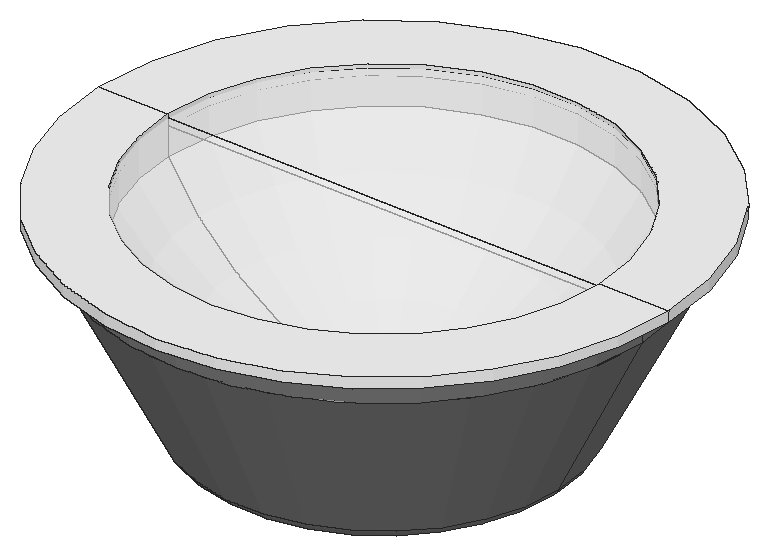
Revit family "30539", category Lighting Fixtures, host Face, Revit 2018
Family settings
  Host = Face
  Round Connector Dimension = Use Diameter
  Part Type = Normal
  OmniClass Number = 23.80.70.00
  OmniClass Title = Lighting
  Cut with Voids When Loaded = No
  Light Source = Yes
  Shared = No
  Room Calculation Point = No
Parameters (values of type "0030539 INSAVER SL U19 IP44 DALI 205 2500LM 840 ")
  WidthBezel_SYL = if(Size1_SYL, 20 mm, if(Size2_SYL, 20 mm, if(Size3PIR_SYL, 30 mm, if(Size4_SYL, 20 mm, 20 mm))))  # 20 mm
  Weight = "n/a"
  Wattage Comments = ""
  Wattage = 12 W
  WarrantyStartDate [instance] = "n/a"
  WarrantyGuarantorParts = "n/a"
  WarrantyDurationUnit = "n/a"
  WarrantyDurationParts = ""
  WarrantyDescription = "http://www.sylvania-lighting.com"
  built-in parameter 1150110 = 1 (stored number, unit not read)
  Voltage = 230 V
  VisibilityPIR_SYL = Size3PIR_SYL  # no
  URL = "0.94"
  TypeName = "Insaver Slim UGR19 IP44 DALI 205 2500lm 840"
  Type Image = <None>
  Type Comments = "n/a"
  built-in parameter 1114217 = 1 (stored number, unit not read)
  Tilt Angle = -90.00°
  built-in parameter 1150109 = 1 (stored number, unit not read)
  built-in parameter 1150134 = (empty or 0)
  built-in parameter 1150113 = 1 (stored number, unit not read)
  Size4_SYL = no
  Size3PIR_SYL = no
  Size2_SYL = no
  Size1_SYL = yes
  SerialNumber [instance] = "n/a"
  RadiusTop_SYL = 6 mm
  RadiusReflector_SYL = if(Size1_SYL, 85 mm, if(Size2_SYL, 85 mm, if(Size3PIR_SYL, 85 mm, if(Size4_SYL, 100 mm, 120 mm))))  # 85 mm
  Photometric Web File = "0030539.IES"
  Material_3_FEILO = Top-Sylvania-STARTDownlight
  PowerFactor = 0.9
  PowerConsumption = "Lighting"
  NominalLength = 165 mm
  NominalHeight = 50 mm
  NominalDepth = 165 mm
  Name = "Insaver Slim UGR19 IP44 DALI 205 2500lm 840"
  ModelReference = Name  # "Insaver Slim UGR19 IP44 DALI 205 2500lm 840"
  ModelNumber = "0030539"
  Model = Name  # "Insaver Slim UGR19 IP44 DALI 205 2500lm 840"
  Material = "Feilo Sylvania"
  ManufacturerName = "125 lm/W"
  Manufacturer = ""
  LuminousEfficacy = ""
  built-in parameter 1150105 = 31.446 (stored number, unit not read)
  Lumens = 395.16 lm
  LuminaireType = "0"
  built-in parameter 1150115 = 1 (stored number, unit not read)
  LightOutputRatio = "LED"
  built-in parameter 1150137 = (empty or 0)
  built-in parameter 1150139 = (empty or 0)
  LampsType = Lamp  # "n/a"
  LampNominalLuminous = "4000 K"
  LampMacAdamStep = "80"
  LampColourTemperature = "LED"
  LampColourRenderingIndex = "16500"
  built-in parameter 1150112 = 1 (stored number, unit not read)
  built-in parameter 1150114 = 1 (stored number, unit not read)
  Lamp = "n/a"
  Keynote = "n/a"
  InstallationDate [instance] = "n/a"
  InputVoltage = "0"
  InputNominalFrequency = "4000"
  built-in parameter 1150132 = (empty or 0)
  built-in parameter 1150102 = (empty or 0)
  built-in parameter 1150107 = 3000 (stored number, unit not read)
  built-in parameter 1150138 = (empty or 0)
  IngressProtection = "IfcLightFixtureType"
  ImpactProtectionIndex = "IfcLightFixtureType"
  built-in parameter 1150106 = 0.31446 (stored number, unit not read)
  IfcExportType = "IfcLightFixtureType"
  IfcExportAs = "Class II"
  Height_SYL = if(Size1_SYL, 61 mm, if(Size2_SYL, 61 mm, if(Size3PIR_SYL, 61 mm, if(Size4_SYL, 61 mm, 60 mm))))  # 61 mm
  HeightBezel_SYL = if(Size1_SYL, 3 mm, if(Size2_SYL, 3 mm, if(Size3PIR_SYL, 3 mm, if(Size4_SYL, 3.2 mm, 3 mm))))  # 3 mm
  ExpectedLife = 50000
  Emit from Circle Diameter = Diameter_SYL - 40 mm  # 125 mm
  Emit Shape Visible in Rendering = no
  ElectricShockClassification = "125"
  built-in parameter 1150104 = 3.0593 (stored number, unit not read)
  DurationUnit = "hours"
  DocumentationLiterature = "http://www.sylvania-lighting.com/product/en-int/products/0030539"
  DimmingControlOptions = "n/a"
  Material_2_FEILO = Diffuser-Sylvania-STARTDownlight
  Dimming Lamp Color Temperature Shift = <None>
  Diameter_SYL = if(Size1_SYL, 165 mm, if(Size2_SYL, 190 mm, if(Size3PIR_SYL, 211 mm, if(Size4_SYL, 220 mm, 240 mm))))  # 165 mm
  DiameterTop_SYL = if(Size1_SYL, 98 mm, if(Size2_SYL, 122 mm, if(Size3PIR_SYL, 120 mm, if(Size4_SYL, 135 mm, 158 mm))))  # 98 mm
  DiameterTopBase_SYL = DiameterRecess_SYL  # 150 mm
  DiameterRecess_SYL = if(Size1_SYL, 150 mm, if(Size2_SYL, 170 mm, if(Size3PIR_SYL, 186 mm, if(Size4_SYL, 200 mm, 225 mm))))  # 150 mm
  Description = "Insaver Slim is a ceiling recessed LED downlight (IP44 from the front),Die-cast aluminium body, loop in loop out connector for quick installation, Dimmable DALI driver of TRIDONIC (LCA 25W 350–1050mA one4all SR PRE 28000671), 20W; 2500lm; 125lm/W; 4000K; UGR <19 with shallow product depth 60mm. Meets TP(a) requirements."
  Default Elevation = 1219.2 mm
  CreatedOn = "05/03/2024"
  CreatedBy = "@sylvania-lighting.com"
  Cost = 0
  Color Filter = 16777215
  built-in parameter 1114216 [instance] = (empty or 0)
  ClassificationValue = "EF_70_80"
  ClassificationName = "Uniclass2015"
  Material_1_FEILO = Trim-Sylvania-STARTDownlight-White
  BarCode [instance] = "n/a"
  built-in parameter 1114218 = 1 (stored number, unit not read)
  built-in parameter 1150133 = 10 (stored number, unit not read)
  AssetType = "Fixed"
  AssetIdentifier [instance] = "n/a"
  Assembly Code = "D5020200"
  Apparent Load = 20 VA
  Material_4_FEILO = LED-Sylvania-STARTDownlight
Reference planes
  plane 1 "Center (Front/Back)": y = 0
  plane 2: z = 0
  plane 3 "Center (Left/Right)": x = 0
  plane 4: x = 82.5
  plane 5: x = -82.5
  plane 6: z = 3
  plane 7: z = -8
  plane 8: z = -58
  plane 9: x = -75
  plane 10: x = 75
  plane 11: x = -49
  plane 12: x = 49
  plane 13: z = -85
  plane 14: x = -62.5
  plane 15: z = 2
  plane 16: z = -46
  plane 17: x = -16
  plane 18: x = -67.5
  plane 19: x = -81.5
  plane 20: x = -99.5
  plane 21: x = -76.5
  plane 22: z = 5.5
  plane 23: z = 8.7
  plane 24: x = -75.5
  plane 25: z = 13.7
Forms (mm)
  Revolve 1, void
    sketch origin (0, 0, 0) x (1, 0, 0) y (0, 0, 1)
      loop
        line (0, 0) -> (-75, 0) -> (-75, -85) -> (0, -85) -> (0, 0)
      axis (0, 0) -> (0, -85)
    angle from 360 to 0
  Revolve 2, solid, material "Trim-Sylvania-STARTDownlight-White" <- "Material_1_FEILO"
    sketch origin (0, 0, 0) x (1, 0, 0) y (0, 0, 1)
      loop
        line (-62.5, 3) -> (-82.5, 3) -> (-82.5, 0) -> (-75, 0) -> (-75, -8) -> (-50.681, -54.768)
        arc (-50.681, -54.768) -> (-48.471, -57.129) -> (-45.357, -58) r 6
        line (-45.357, -58) -> (0, -58) -> (0, -46) -> (-16, -46)
        arc (-16, -46) -> (-42.718, -31.243) -> (-62.5, -8) r 85
        line (-62.5, -8) -> (-62.5, 3)
      axis (0, 3) -> (0, -58)
    angle from 360 to 0
  Revolve 3, solid, material "Diffuser-Sylvania-STARTDownlight" <- "Material_2_FEILO"
    sketch origin (0, 0, 0) x (1, 0, 0) y (0, 0, 1)
      loop
        line (-62.5, 0) -> (0, 0) -> (0, 2) -> (-62.5, 2) -> (-62.5, 0)
      axis (0, 2) -> (0, 0)
    angle from 360 to 0
  Revolve 4, solid, material "Trim-Sylvania-STARTDownlight-White" <- "Material_1_FEILO", visible <- "VisibilityPIR_SYL"
    sketch origin (0, 0, 0) x (1, 0, 0) y (0, 0, 1)
      loop
        line (-67.5, 3) -> (-67.5, 13.7)
        arc (-67.5, 13.7) -> (-72.217, 12.347) -> (-75.5, 8.7) r 8.9
        line (-75.5, 8.7) -> (-75.5, 5.5) -> (-76.5, 5.5) -> (-76.5, 3) -> (-67.5, 3)
      axis (-67.5, 13.7) -> (-67.5, 3)
    angle from 360 to 0
Dimensions and locks
  equal spacing: plane 4, plane 3 "Center (Left/Right)", plane 5
  "Diameter_SYL": plane 4 to plane 5
  equal spacing: plane 10, plane 3 "Center (Left/Right)", plane 9
  equal spacing: plane 12, plane 3 "Center (Left/Right)", plane 11
  "DiameterTop_SYL": plane 12 to plane 11
  "HeightBezel_SYL": plane 6 to plane 2
  "Height_SYL": plane 6 to plane 8
  locked: plane 2 to plane 7 at 8
  locked: plane 2 to plane 13 at 85
  "WidthBezel_SYL": plane 14 to plane 5
  locked: plane 6 to plane 15 at 1
  "DiameterRecess_SYL": plane 10 to plane 9
  locked: plane 3 "Center (Left/Right)" to plane 17 at 16
  locked: plane 16 to plane 8 at 12
  locked: plane 18 to plane 21 at 9
  locked: plane 22 to plane 6 at 2.5
  locked: plane 23 to plane 22 at 3.2
  locked: plane 18 to plane 24 at 8
  locked: plane 25 to plane 23 at 5
  locked: plane 25 to Revolve 4 sketch curve at 8.9
  locked: plane 18 to plane 5 at 15
  "RadiusReflector_SYL": radius of Revolve 2 sketch curve
  "RadiusTop_SYL": radius of Revolve 2 sketch curve
  aligned and locked: plane 2 to host face
  aligned and locked: level to host face
  aligned and locked: Revolve 1 sketch curve to plane 3 "Center (Left/Right)"
  aligned and locked: plane 3 "Center (Left/Right)" to Revolve 1 sketch curve
  aligned and locked: Revolve 1 sketch curve to plane 9
  aligned and locked: plane 13 to Revolve 1 sketch curve
  aligned and locked: plane 3 "Center (Left/Right)" to imposter light
  aligned and locked: imposter light to plane 15
  aligned and locked: imposter light to plane 1 "Center (Front/Back)"
  aligned and locked: Revolve 2 sketch curve to plane 3 "Center (Left/Right)"
  aligned and locked: Revolve 2 sketch curve to plane 6
  aligned and locked: Revolve 2 sketch curve to plane 5
  aligned and locked: Revolve 2 sketch curve to level
  aligned and locked: plane 7 to Revolve 2 sketch curve  (x2)
  aligned and locked: Revolve 2 sketch curve to plane 9
  aligned and locked: plane 8 to Revolve 2 sketch curve
  aligned and locked: Revolve 2 sketch curve to plane 14
  aligned and locked: plane 3 "Center (Left/Right)" to Revolve 2 sketch curve
  aligned and locked: Revolve 2 sketch curve to plane 16
  aligned and locked: Revolve 3 sketch curve to plane 3 "Center (Left/Right)"
  aligned and locked: Revolve 3 sketch curve to level
  aligned and locked: imposter light to Revolve 3 sketch curve  (x2)
  aligned and locked: Revolve 4 sketch curve to plane 18  (x2)
  aligned and locked: Revolve 4 sketch curve to plane 6
  aligned and locked: plane 22 to Revolve 4 sketch curve
  aligned and locked: plane 24 to Revolve 4 sketch curve
  aligned and locked: Revolve 4 sketch curve to Revolve 4 sketch curve
  aligned and locked: plane 21 to Revolve 4 sketch curve
Automatic sketch dimensions
  host sketch curve to host sketch curve = 2438.4 mm  (x2)
  plane 13 to Revolve 1 sketch curve = 524.6 mm
  Revolve 1 sketch curve to plane 6 = 2606.058 mm
  Revolve 1 sketch curve to level = 0 mm
  Revolve 2 sketch curve to plane 17 = 0 mm
  Revolve 2 sketch curve to plane 11 = 1.681 mm
  plane 11 to Revolve 2 sketch curve = 3.643 mm
  plane 13 to Revolve 2 sketch curve = 524.6 mm
  Revolve 2 sketch curve to Revolve 2 sketch curve = 2577.983 mm
  Revolve 3 sketch curve to plane 14 = 0 mm
  plane 13 to Revolve 3 sketch curve = 524.6 mm
  Revolve 3 sketch curve to plane 6 = 2606.058 mm
  Revolve 4 sketch curve to plane 23 = 0 mm
  plane 13 to Revolve 4 sketch curve = 524.6 mm
  Revolve 4 sketch curve to Revolve 4 sketch curve = 2595.358 mm
Connectors
  electrical at (0, 0, 0), driven by "Apparent Load", driven by "PowerFactor", driven by "Voltage"
    settings: index 1, voltage 230 V, apparent load 20 VA, apparent load phase1 0 VA, apparent load phase2 0 VA, apparent load phase3 0 VA, power factor 0.9, load classification "Lighting", number of poles 1, system type 30, power factor state 1, is connector primary yes, connector utility no, sub classification motor no, connector description ""
